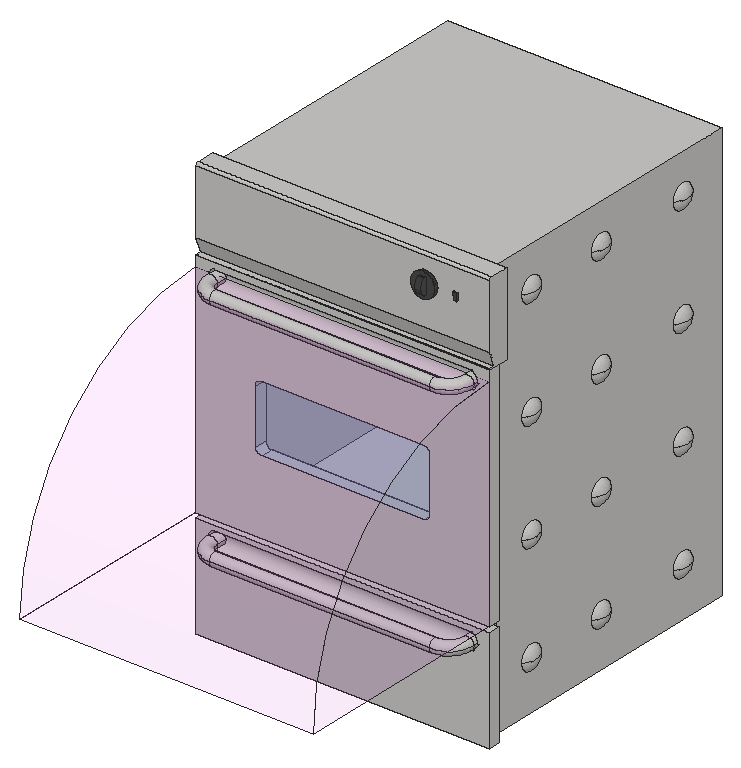
Revit family "QF_Summit_TTM7882BKW_Oven", category Specialty Equipment, Revit 2020
Family settings
  Round Connector Dimension = Use Diameter
  Part Type = Normal
  Work Plane-Based = No
  Always vertical = Yes
  Cut with Voids When Loaded = No
  Shared = No
  Room Calculation Point = No
Parameters
  Weight in Pounds = 140
  Watts = if(Phase = 3, Volts * FL Amps * 1.73, Volts * FL Amps)  # 414 W
  Volts = 115 V
  URL Cutsheet = ""
  Specification by User = ""
  Specification by Manufacturer = ""
  Show Clearance [instance] = yes
  Serial Number = ""
  Seismic Rating = ""
  SMACNA No = ""
  Revision Code = ""
  Phase = 1
  Number of Poles = 1
  NAFEM Spec ID Number = ""
  Model = "TTM7882BKW"
  Min Ckt Ampacity = 0 A
  Max Overcurrent Protection = 0 A
  Masterspec = ""
  Manufacturer = "Summit"
  Length = 24"
  Item Number = ""
  Installed By = ""
  Identify Quantity as Lot = yes
  Height = 34 1/2"
  HP = ""
  Furnished By = ""
  Foodservice Equipment Identifier = yes
  FL Amps = 3.6 A
  Electrical Remarks = ""
  Electric Connection Type = ""
  Elec Conn RI Height = 0"
  Elec Conn Connection Height = 0"
  Description = "Oven"
  Depth = 24 3/4"
  Default Elevation = 0"
  Cycle = 60 Hz
  Conn Plug = ""
  Conn Conduit = yes
  CSI MasterFormat = ""
  Apparent Power = if(Phase = 3, Volts * FL Amps * 1.73, Volts * FL Amps)  # 414 VA
Reference planes (in)
  plane 1 "BACK": y = 0
  plane 2: z = 0
  plane 3 "LEFT": x = 0
  plane 4 "RIGHT": x = 24
  plane 5 "FRONT": y = -24.75
  plane 6 "TOP": z = 34.875
  plane 7 "Center Y": x = 12
  plane 8 "Center X": y = -12.375
  plane 9: y = -23
  plane 10: y = -27.125
  plane 11: z = 27.75
  plane 12: z = 8.5
  plane 13: z = 8.875
  plane 14: y = -42.75
  plane 15: z = 34.5
Forms (in)
  Extrusion 1, solid, material "QF_Metal_Stainless_Polished"
    sketch origin (0, 0, 0) x (1, 0, 0) y (0, 1, 0)
      loop
        line (0.8125, 0) -> (0.8125, -23) -> (23.1875, -23) -> (23.1875, 0) -> (0.8125, 0)
    from 0 to 34.375
  Extrusion 2, solid, material "QF_Metal_Stainless_Polished"
    sketch origin (0, -24.75, 0.125) x (1, 0, 0) y (0, 0, 1)
      loop
        line (0, 8.375) -> (0, -0.125) -> (24, -0.125) -> (24, 8.375) -> (0, 8.375)
      loop
        line (0, 8.75) -> (24, 8.75) -> (24, 27.625) -> (0, 27.625) -> (0, 8.75)
    from 0 to -1
  Extrusion 3, solid, material "QF_Metal_Stainless_Polished"
    sketch origin (0, 0, 0) x (0, 1, 0) y (0, 0, 1)
      loop
        line (-23, 34.5) -> (-24.5, 34.5)
        arc (-24.5, 34.5) -> (-24.67678, 34.42678) -> (-24.75, 34.25) r 0.25
        line (-24.75, 34.25) -> (-24.75, 29) -> (-24.25, 27.79419) -> (-24.75, 27.79419) -> (-24.75, 27.75) -> (-23, 27.75) -> (-23, 34.5)
    from 0 to 24
  Revolve 4, void
    sketch origin (0, -0.05469, 26.49744) x (1, 0, 0) y (0, 1, 0)
      loop
        line (1, -24.90625) -> (23, -24.90625) -> (23, -24.75262)
        arc (23, -24.75262) -> (22.82068, -24.31969) -> (22.38775, -24.14037) r 0.61225
        line (22.38775, -24.14037) -> (1.61225, -24.14037)
        arc (1.61225, -24.14037) -> (1.17932, -24.31969) -> (1, -24.75262) r 0.61225
        line (1, -24.75262) -> (1, -24.90625)
      axis (23, -24.90625) -> (1, -24.90625)
    angle from -134.169 to 145.733
  Revolve 5, void
    sketch origin (0, -0.05469, 7.32557) x (1, 0, 0) y (0, 1, 0)
      loop
        line (1, -24.90625) -> (23, -24.90625) -> (23, -24.75262)
        arc (23, -24.75262) -> (22.82068, -24.31969) -> (22.38775, -24.14037) r 0.61225
        line (22.38775, -24.14037) -> (1.61225, -24.14037)
        arc (1.61225, -24.14037) -> (1.17932, -24.31969) -> (1, -24.75262) r 0.61225
        line (1, -24.75262) -> (1, -24.90625)
      axis (23, -24.90625) -> (1, -24.90625)
    angle from -134.169 to 145.733
  Sweep 6, solid, material "QF_Metal_Stainless_Polished"
    path origin (0, 0, 0) x (1, 0, 0) y (0, 1, 0)
      loop
        line (1, -24.25) -> (1, -25.125)
        arc (1, -25.125) -> (1.58579, -26.53921) -> (3, -27.125) r 2
        line (3, -27.125) -> (21, -27.125)
        arc (21, -27.125) -> (22.41421, -26.53921) -> (23, -25.125) r 2
        line (23, -25.125) -> (23, -24.25)
    profile origin (12, -27.125, 0) x (0, 1, 0) y (0, 0, 1)
      loop
        circle (0.5, 26.5) r 0.5
  Sweep 7, solid, material "QF_Metal_Stainless_Polished"
    path origin (0, 0, -19.17187) x (1, 0, 0) y (0, 1, 0)
      loop
        line (1, -24.25) -> (1, -25.125)
        arc (1, -25.125) -> (1.58579, -26.53921) -> (3, -27.125) r 2
        line (3, -27.125) -> (21, -27.125)
        arc (21, -27.125) -> (22.41421, -26.53921) -> (23, -25.125) r 2
        line (23, -25.125) -> (23, -24.25)
    profile origin (12, -27.125, -19.17187) x (0, 1, 0) y (0, 0, 1)
      loop
        circle (0.5, 26.5) r 0.5
  Extrusion 8, solid, material "QF_Plastic_Black_Smooth"
    sketch origin (20.91227, -24, 32.63936) x (0, 0, 1) y (0, -1, 0)
      loop
        line (-0.12746, 0.75) -> (-0.12746, 0.85905)
        arc (-0.12746, 0.85905) -> (-0.44721, 0.83236) -> (-0.76795, 0.82343) r 5.7865
        line (-0.76795, 0.82343) -> (-0.76795, 0.75) -> (-0.12746, 0.75)
    from 0.1968 to 0.4972
  Extrusion 9, solid, material "QF_Plastic_Black_Smooth"
    sketch origin (0, -24.75, 29) x (0, 0, 1) y (-1, 0, 0)
      loop
        circle (3.25, -18.75) r 1
    from 0 to 0.25
  Extrusion 10, solid, material "QF_Plastic_Black_Smooth"
    sketch origin (-0.04382, 0, 0) x (0, 1, 0) y (0, 0, 1)
      loop
        line (-25, 32.91606) -> (-25.15555, 32.91606)
        arc (-25.15555, 32.91606) -> (-25.5, 32.2654) -> (-25.15555, 31.61474) r 0.78677
        line (-25.15555, 31.61474) -> (-25, 31.61474) -> (-25, 32.91606)
    from 19.04382 to 18.54382
  Revolve 11, solid, material "QF_Metal_Stainless_Polished"
    sketch origin (0, 0, 4.125) x (1, 0, 0) y (0, 1, 0)
      loop
        line (23.1875, -4) -> (23.6875, -4)
        arc (23.6875, -4) -> (23.55162, -3.44294) -> (23.1875, -3) r 1.28845
        line (23.1875, -3) -> (23.1875, -4)
      axis (23.1875, -4) -> (23.6875, -4)
    angle from 0 to 360
  Revolve 12, solid, material "QF_Metal_Stainless_Polished"
    sketch origin (0, 0, 13.125) x (1, 0, 0) y (0, 1, 0)
      loop
        line (23.1875, -4) -> (23.6875, -4)
        arc (23.6875, -4) -> (23.55162, -3.44294) -> (23.1875, -3) r 1.28845
        line (23.1875, -3) -> (23.1875, -4)
      axis (23.1875, -4) -> (23.6875, -4)
    angle from 0 to 360
  Revolve 13, solid, material "QF_Metal_Stainless_Polished"
    sketch origin (0, 0, 22.125) x (1, 0, 0) y (0, 1, 0)
      loop
        line (23.1875, -4) -> (23.6875, -4)
        arc (23.6875, -4) -> (23.55162, -3.44294) -> (23.1875, -3) r 1.28845
        line (23.1875, -3) -> (23.1875, -4)
      axis (23.1875, -4) -> (23.6875, -4)
    angle from 0 to 360
  Revolve 14, solid, material "QF_Metal_Stainless_Polished"
    sketch origin (0, 0, 31.125) x (1, 0, 0) y (0, 1, 0)
      loop
        line (23.1875, -4) -> (23.6875, -4)
        arc (23.6875, -4) -> (23.55162, -3.44294) -> (23.1875, -3) r 1.28845
        line (23.1875, -3) -> (23.1875, -4)
      axis (23.1875, -4) -> (23.6875, -4)
    angle from 0 to 360
  Revolve 15, solid, material "QF_Metal_Stainless_Polished"
    sketch origin (0, -8, 31.125) x (1, 0, 0) y (0, 1, 0)
      loop
        line (23.1875, -4.375) -> (23.6875, -4.375)
        arc (23.6875, -4.375) -> (23.55162, -3.81794) -> (23.1875, -3.375) r 1.28845
        line (23.1875, -3.375) -> (23.1875, -4.375)
      axis (23.1875, -4.375) -> (23.6875, -4.375)
    angle from 0 to 360
  Revolve 16, solid, material "QF_Metal_Stainless_Polished"
    sketch origin (0, -15.5, 31.125) x (1, 0, 0) y (0, 1, 0)
      loop
        line (23.1875, -4) -> (23.6875, -4)
        arc (23.6875, -4) -> (23.55162, -3.44294) -> (23.1875, -3) r 1.28845
        line (23.1875, -3) -> (23.1875, -4)
      axis (23.1875, -4) -> (23.6875, -4)
    angle from 0 to 360
  Revolve 17, solid, material "QF_Metal_Stainless_Polished"
    sketch origin (0, -8, 4.125) x (1, 0, 0) y (0, 1, 0)
      loop
        line (23.1875, -4.375) -> (23.6875, -4.375)
        arc (23.6875, -4.375) -> (23.55162, -3.81794) -> (23.1875, -3.375) r 1.28845
        line (23.1875, -3.375) -> (23.1875, -4.375)
      axis (23.1875, -4.375) -> (23.6875, -4.375)
    angle from 0 to 360
  Revolve 18, solid, material "QF_Metal_Stainless_Polished"
    sketch origin (0, -8, 13.125) x (1, 0, 0) y (0, 1, 0)
      loop
        line (23.1875, -4.375) -> (23.6875, -4.375)
        arc (23.6875, -4.375) -> (23.55162, -3.81794) -> (23.1875, -3.375) r 1.28845
        line (23.1875, -3.375) -> (23.1875, -4.375)
      axis (23.1875, -4.375) -> (23.6875, -4.375)
    angle from 0 to 360
  Revolve 19, solid, material "QF_Metal_Stainless_Polished"
    sketch origin (0, -8, 22.125) x (1, 0, 0) y (0, 1, 0)
      loop
        line (23.1875, -4.375) -> (23.6875, -4.375)
        arc (23.6875, -4.375) -> (23.55162, -3.81794) -> (23.1875, -3.375) r 1.28845
        line (23.1875, -3.375) -> (23.1875, -4.375)
      axis (23.1875, -4.375) -> (23.6875, -4.375)
    angle from 0 to 360
  Revolve 20, solid, material "QF_Metal_Stainless_Polished"
    sketch origin (0, -15.5, 4.125) x (1, 0, 0) y (0, 1, 0)
      loop
        line (23.1875, -4) -> (23.6875, -4)
        arc (23.6875, -4) -> (23.55162, -3.44294) -> (23.1875, -3) r 1.28845
        line (23.1875, -3) -> (23.1875, -4)
      axis (23.1875, -4) -> (23.6875, -4)
    angle from 0 to 360
  Revolve 21, solid, material "QF_Metal_Stainless_Polished"
    sketch origin (0, -15.5, 13.125) x (1, 0, 0) y (0, 1, 0)
      loop
        line (23.1875, -4) -> (23.6875, -4)
        arc (23.6875, -4) -> (23.55162, -3.44294) -> (23.1875, -3) r 1.28845
        line (23.1875, -3) -> (23.1875, -4)
      axis (23.1875, -4) -> (23.6875, -4)
    angle from 0 to 360
  Revolve 22, solid, material "QF_Metal_Stainless_Polished"
    sketch origin (0, -15.5, 22.125) x (1, 0, 0) y (0, 1, 0)
      loop
        line (23.1875, -4) -> (23.6875, -4)
        arc (23.6875, -4) -> (23.55162, -3.44294) -> (23.1875, -3) r 1.28845
        line (23.1875, -3) -> (23.1875, -4)
      axis (23.1875, -4) -> (23.6875, -4)
    angle from 0 to 360
  Revolve 23, solid, material "QF_Metal_Stainless_Polished"
    sketch origin (24, 0, 4.125) x (-1, 0, 0) y (0, -1, 0)
      loop
        line (23.1875, 4) -> (23.1875, 3)
        arc (23.1875, 3) -> (23.55162, 3.44294) -> (23.6875, 4) r 1.28845
        line (23.6875, 4) -> (23.1875, 4)
      axis (23.1875, 4) -> (23.6875, 4)
    angle from 0 to 360
  Revolve 24, solid, material "QF_Metal_Stainless_Polished"
    sketch origin (24, 0, 13.125) x (-1, 0, 0) y (0, -1, 0)
      loop
        line (23.1875, 4) -> (23.1875, 3)
        arc (23.1875, 3) -> (23.55162, 3.44294) -> (23.6875, 4) r 1.28845
        line (23.6875, 4) -> (23.1875, 4)
      axis (23.1875, 4) -> (23.6875, 4)
    angle from 0 to 360
  Revolve 25, solid, material "QF_Metal_Stainless_Polished"
    sketch origin (24, 0, 22.125) x (-1, 0, 0) y (0, -1, 0)
      loop
        line (23.1875, 4) -> (23.1875, 3)
        arc (23.1875, 3) -> (23.55162, 3.44294) -> (23.6875, 4) r 1.28845
        line (23.6875, 4) -> (23.1875, 4)
      axis (23.1875, 4) -> (23.6875, 4)
    angle from 0 to 360
  Revolve 26, solid, material "QF_Metal_Stainless_Polished"
    sketch origin (24, 0, 31.125) x (-1, 0, 0) y (0, -1, 0)
      loop
        line (23.1875, 4) -> (23.1875, 3)
        arc (23.1875, 3) -> (23.55162, 3.44294) -> (23.6875, 4) r 1.28845
        line (23.6875, 4) -> (23.1875, 4)
      axis (23.1875, 4) -> (23.6875, 4)
    angle from 0 to 360
  Revolve 27, solid, material "QF_Metal_Stainless_Polished"
    sketch origin (24, -8, 31.125) x (-1, 0, 0) y (0, -1, 0)
      loop
        line (23.1875, 4.375) -> (23.1875, 3.375)
        arc (23.1875, 3.375) -> (23.55162, 3.81794) -> (23.6875, 4.375) r 1.28845
        line (23.6875, 4.375) -> (23.1875, 4.375)
      axis (23.1875, 4.375) -> (23.6875, 4.375)
    angle from 0 to 360
  Revolve 28, solid, material "QF_Metal_Stainless_Polished"
    sketch origin (24, -15.5, 31.125) x (-1, 0, 0) y (0, -1, 0)
      loop
        line (23.1875, 4) -> (23.1875, 3)
        arc (23.1875, 3) -> (23.55162, 3.44294) -> (23.6875, 4) r 1.28845
        line (23.6875, 4) -> (23.1875, 4)
      axis (23.1875, 4) -> (23.6875, 4)
    angle from 0 to 360
  Revolve 29, solid, material "QF_Metal_Stainless_Polished"
    sketch origin (24, -8, 4.125) x (-1, 0, 0) y (0, -1, 0)
      loop
        line (23.1875, 4.375) -> (23.1875, 3.375)
        arc (23.1875, 3.375) -> (23.55162, 3.81794) -> (23.6875, 4.375) r 1.28845
        line (23.6875, 4.375) -> (23.1875, 4.375)
      axis (23.1875, 4.375) -> (23.6875, 4.375)
    angle from 0 to 360
  Revolve 30, solid, material "QF_Metal_Stainless_Polished"
    sketch origin (24, -8, 13.125) x (-1, 0, 0) y (0, -1, 0)
      loop
        line (23.1875, 4.375) -> (23.1875, 3.375)
        arc (23.1875, 3.375) -> (23.55162, 3.81794) -> (23.6875, 4.375) r 1.28845
        line (23.6875, 4.375) -> (23.1875, 4.375)
      axis (23.1875, 4.375) -> (23.6875, 4.375)
    angle from 0 to 360
  Revolve 31, solid, material "QF_Metal_Stainless_Polished"
    sketch origin (24, -8, 22.125) x (-1, 0, 0) y (0, -1, 0)
      loop
        line (23.1875, 4.375) -> (23.1875, 3.375)
        arc (23.1875, 3.375) -> (23.55162, 3.81794) -> (23.6875, 4.375) r 1.28845
        line (23.6875, 4.375) -> (23.1875, 4.375)
      axis (23.1875, 4.375) -> (23.6875, 4.375)
    angle from 0 to 360
  Revolve 32, solid, material "QF_Metal_Stainless_Polished"
    sketch origin (24, -15.5, 4.125) x (-1, 0, 0) y (0, -1, 0)
      loop
        line (23.1875, 4) -> (23.1875, 3)
        arc (23.1875, 3) -> (23.55162, 3.44294) -> (23.6875, 4) r 1.28845
        line (23.6875, 4) -> (23.1875, 4)
      axis (23.1875, 4) -> (23.6875, 4)
    angle from 0 to 360
  Revolve 33, solid, material "QF_Metal_Stainless_Polished"
    sketch origin (24, -15.5, 13.125) x (-1, 0, 0) y (0, -1, 0)
      loop
        line (23.1875, 4) -> (23.1875, 3)
        arc (23.1875, 3) -> (23.55162, 3.44294) -> (23.6875, 4) r 1.28845
        line (23.6875, 4) -> (23.1875, 4)
      axis (23.1875, 4) -> (23.6875, 4)
    angle from 0 to 360
  Revolve 34, solid, material "QF_Metal_Stainless_Polished"
    sketch origin (24, -15.5, 22.125) x (-1, 0, 0) y (0, -1, 0)
      loop
        line (23.1875, 4) -> (23.1875, 3)
        arc (23.1875, 3) -> (23.55162, 3.44294) -> (23.6875, 4) r 1.28845
        line (23.6875, 4) -> (23.1875, 4)
      axis (23.1875, 4) -> (23.6875, 4)
    angle from 0 to 360
  Extrusion 35, solid, material "QF_Metal_Stainless_Polished"
    sketch origin (0.8125, 0, 0) x (1, 0, 0) y (0, 0, -1)
      loop
        circle (11.1875, -33.47209) r 0.25
    from 0 to 0.0625
  Extrusion 36, void
    sketch origin (0, -24.75, 0.125) x (1, 0, 0) y (0, 0, 1)
      loop
        arc (19.125, 19.75) -> (18.97855, 20.10355) -> (18.625, 20.25) r 0.5
        line (18.625, 20.25) -> (5.375, 20.25)
        arc (5.375, 20.25) -> (5.02145, 20.10355) -> (4.875, 19.75) r 0.5
        line (4.875, 19.75) -> (4.875, 15.25)
        arc (4.875, 15.25) -> (5.02145, 14.89645) -> (5.375, 14.75) r 0.5
        line (5.375, 14.75) -> (18.625, 14.75)
        arc (18.625, 14.75) -> (18.97855, 14.89645) -> (19.125, 15.25) r 0.5
        line (19.125, 15.25) -> (19.125, 19.75)
    from 0.5311 to -1
  Extrusion 37, solid, material "Glass"
    sketch origin (0, -24.75, 0.125) x (1, 0, 0) y (0, 0, 1)
      loop
        arc (4.875, 15.25) -> (5.02145, 14.89645) -> (5.375, 14.75) r 0.5
        line (5.375, 14.75) -> (18.625, 14.75)
        arc (18.625, 14.75) -> (18.97855, 14.89645) -> (19.125, 15.25) r 0.5
        line (19.125, 15.25) -> (19.125, 19.75)
        arc (19.125, 19.75) -> (18.97855, 20.10355) -> (18.625, 20.25) r 0.5
        line (18.625, 20.25) -> (5.375, 20.25)
        arc (5.375, 20.25) -> (5.02145, 20.10355) -> (4.875, 19.75) r 0.5
        line (4.875, 19.75) -> (4.875, 15.25)
    from 0 to -1
  Extrusion 38, void
    sketch origin (0, 0, 0) x (1, 0, 0) y (0, 1, 0)
      loop
        line (2, -24.83785) -> (22, -24.83785) -> (22, -5) -> (2, -5) -> (2, -24.83785)
    from 8.875 to 27
  Extrusion 39, solid, material "QF_Clearances_Door_Drawer", visible <- "Show Clearance"
    sketch origin (0, 0, 0) x (0, 1, 0) y (0, 0, 1)
      loop
        line (-42.75, 8.875) -> (-24.75, 8.875) -> (-24.75, 26.875)
        arc (-24.75, 26.875) -> (-37.47792, 21.60292) -> (-42.75, 8.875) r 18
    from 0 to 24
Cuts and joins
  Revolve 4, Revolve 5, Extrusion 36 cuts Extrusion 2
  Extrusion 38 cuts Extrusion 1
Lines and regions (in)
  Split face 1
    outline origin (0, -24.75, 29) x (0, 0, 1) y (-1, 0, 0)
      loop
        arc (4.875, -1.25) -> (4.72855, -0.89645) -> (4.375, -0.75) r 0.5
        line (4.375, -0.75) -> (2.29419, -0.75)
        arc (2.29419, -0.75) -> (1.94064, -0.89645) -> (1.79419, -1.25) r 0.5
        line (1.79419, -1.25) -> (1.79419, -9)
        arc (1.79419, -9) -> (1.94064, -9.35355) -> (2.29419, -9.5) r 0.5
        line (2.29419, -9.5) -> (4.375, -9.5)
        arc (4.375, -9.5) -> (4.72855, -9.35355) -> (4.875, -9) r 0.5
        line (4.875, -9) -> (4.875, -1.25)
  Split face 2
    outline origin (0, -24.75, 29) x (0, 0, 1) y (-1, 0, 0)
      loop
        line (4.6875, -9) -> (4.6875, -1.25)
        arc (4.6875, -1.25) -> (4.59597, -1.02903) -> (4.375, -0.9375) r 0.3125
        line (4.375, -0.9375) -> (2.29419, -0.9375)
        arc (2.29419, -0.9375) -> (2.07322, -1.02903) -> (1.98169, -1.25) r 0.3125
        line (1.98169, -1.25) -> (1.98169, -9)
        arc (1.98169, -9) -> (2.07322, -9.22097) -> (2.29419, -9.3125) r 0.3125
        line (2.29419, -9.3125) -> (4.375, -9.3125)
        arc (4.375, -9.3125) -> (4.59597, -9.22097) -> (4.6875, -9) r 0.3125
  Split face 3
    outline origin (0, -24.75, 29) x (0, 0, 1) y (-1, 0, 0)
      loop
        arc (4.875, -10.54922) -> (4.72855, -10.19566) -> (4.375, -10.04922) r 0.5
        line (4.375, -10.04922) -> (2.29419, -10.04922)
        arc (2.29419, -10.04922) -> (1.94064, -10.19566) -> (1.79419, -10.54922) r 0.5
        line (1.79419, -10.54922) -> (1.79419, -22.6875)
        arc (1.79419, -22.6875) -> (1.94064, -23.04105) -> (2.29419, -23.1875) r 0.5
        line (2.29419, -23.1875) -> (4.375, -23.1875)
        arc (4.375, -23.1875) -> (4.72855, -23.04105) -> (4.875, -22.6875) r 0.5
        line (4.875, -22.6875) -> (4.875, -10.54922)
  Split face 4
    outline origin (0, -24.75, 29) x (0, 0, 1) y (-1, 0, 0)
      loop
        line (4.6875, -22.6875) -> (4.6875, -10.54922)
        arc (4.6875, -10.54922) -> (4.59597, -10.32825) -> (4.375, -10.23672) r 0.3125
        line (4.375, -10.23672) -> (2.29419, -10.23672)
        arc (2.29419, -10.23672) -> (2.07322, -10.32825) -> (1.98169, -10.54922) r 0.3125
        line (1.98169, -10.54922) -> (1.98169, -22.6875)
        arc (1.98169, -22.6875) -> (2.07322, -22.90847) -> (2.29419, -23) r 0.3125
        line (2.29419, -23) -> (4.375, -23)
        arc (4.375, -23) -> (4.59597, -22.90847) -> (4.6875, -22.6875) r 0.3125
  Split face 5
    outline origin (0, -24.75, 29) x (0, 0, 1) y (-1, 0, 0)
      loop
        line (3.61107, -3.77672) -> (2.86107, -3.77772) -> (2.86107, -6.76604) -> (3.61107, -6.76604) -> (3.61107, -3.77672)
  Split face 6
    outline origin (0, -24.75, 29) x (0, 0, 1) y (-1, 0, 0)
      loop
        arc (3.76732, -7.26422) -> (3.75267, -7.22887) -> (3.71732, -7.21422) r 0.05
        line (3.71732, -7.21422) -> (3.31732, -7.21422)
        arc (3.31732, -7.21422) -> (3.28196, -7.22887) -> (3.26732, -7.26422) r 0.05
        line (3.26732, -7.26422) -> (3.26732, -7.78922)
        arc (3.26732, -7.78922) -> (3.28196, -7.82458) -> (3.31732, -7.83922) r 0.05
        line (3.31732, -7.83922) -> (3.71732, -7.83922)
        arc (3.71732, -7.83922) -> (3.75267, -7.82458) -> (3.76732, -7.78922) r 0.05
        line (3.76732, -7.78922) -> (3.76732, -7.26422)
  Split face 7
    outline origin (0, -24.75, 29) x (0, 0, 1) y (-1, 0, 0)
      loop
        arc (3.20482, -7.26422) -> (3.19017, -7.22887) -> (3.15482, -7.21422) r 0.05
        line (3.15482, -7.21422) -> (2.75482, -7.21422)
        arc (2.75482, -7.21422) -> (2.71946, -7.22887) -> (2.70482, -7.26422) r 0.05
        line (2.70482, -7.26422) -> (2.70482, -7.78922)
        arc (2.70482, -7.78922) -> (2.71946, -7.82458) -> (2.75482, -7.83922) r 0.05
        line (2.75482, -7.83922) -> (3.15482, -7.83922)
        arc (3.15482, -7.83922) -> (3.19017, -7.82458) -> (3.20482, -7.78922) r 0.05
        line (3.20482, -7.78922) -> (3.20482, -7.26422)
  Split face 8
    outline origin (0, -24.75, 29) x (0, 0, 1) y (-1, 0, 0)
      loop
        line (3.76732, -3.28922) -> (3.76732, -2.76422)
        arc (3.76732, -2.76422) -> (3.75267, -2.72887) -> (3.71732, -2.71422) r 0.05
        line (3.71732, -2.71422) -> (3.31732, -2.71422)
        arc (3.31732, -2.71422) -> (3.28196, -2.72887) -> (3.26732, -2.76422) r 0.05
        line (3.26732, -2.76422) -> (3.26732, -3.28922)
        arc (3.26732, -3.28922) -> (3.28196, -3.32458) -> (3.31732, -3.33922) r 0.05
        line (3.31732, -3.33922) -> (3.71732, -3.33922)
        arc (3.71732, -3.33922) -> (3.75267, -3.32458) -> (3.76732, -3.28922) r 0.05
  Split face 9
    outline origin (0, -24.75, 29) x (0, 0, 1) y (-1, 0, 0)
      loop
        line (3.20482, -3.28922) -> (3.20482, -2.76422)
        arc (3.20482, -2.76422) -> (3.19017, -2.72887) -> (3.15482, -2.71422) r 0.05
        line (3.15482, -2.71422) -> (2.75482, -2.71422)
        arc (2.75482, -2.71422) -> (2.71946, -2.72887) -> (2.70482, -2.76422) r 0.05
        line (2.70482, -2.76422) -> (2.70482, -3.28922)
        arc (2.70482, -3.28922) -> (2.71946, -3.32458) -> (2.75482, -3.33922) r 0.05
        line (2.75482, -3.33922) -> (3.15482, -3.33922)
        arc (3.15482, -3.33922) -> (3.19017, -3.32458) -> (3.20482, -3.28922) r 0.05
  Split face 10
    outline origin (0, -24.75, 28.99886) x (0, 0, 1) y (-1, 0, 0)
      loop
        line (2.81005, -21.04657) -> (2.81005, -21.47197) -> (3.57418, -21.47197) -> (3.57418, -21.04657) -> (2.81005, -21.04657)
  Split face 11
    outline origin (0, -24.75, 29) x (0, 0, 1) y (-1, 0, 0)
      loop
        circle (3.35208, -16.21465) r 0.25
  Split face 12
    outline origin (0, -24.75, 29) x (0, 0, 1) y (-1, 0, 0)
      loop
        line (3.86007, -2.52672) -> (2.61107, -2.52672) -> (2.61107, -8.02672) -> (3.86007, -8.02572) -> (3.86007, -2.52672)
  Split face 13
    outline origin (0, -24.75, 29) x (0, 0, 1) y (-1, 0, 0)
      loop
        line (2.76785, -11.07996) -> (2.76785, -15.07996) -> (3.66458, -15.07996) -> (3.66458, -11.07996) -> (2.76785, -11.07996)
  Split face 14
    outline origin (0, -24.75, 29) x (0, 0, 1) y (-1, 0, 0)
      loop
        line (3.70482, -3.27672) -> (3.70482, -2.77672) -> (3.32982, -2.77672) -> (3.32982, -3.27672) -> (3.70482, -3.27672)
  Split face 15
    outline origin (0, -24.75, 29) x (0, 0, 1) y (-1, 0, 0)
      loop
        line (2.76732, -3.27672) -> (3.14232, -3.27672) -> (3.14232, -2.77672) -> (2.76732, -2.77672) -> (2.76732, -3.27672)
  Split face 16
    outline origin (0, -24.75, 29) x (0, 0, 1) y (-1, 0, 0)
      loop
        line (3.70482, -7.27672) -> (3.32982, -7.27672) -> (3.32982, -7.77672) -> (3.70482, -7.77672) -> (3.70482, -7.27672)
  Split face 17
    outline origin (0, -24.75, 29) x (0, 0, 1) y (-1, 0, 0)
      loop
        line (3.14232, -7.27672) -> (2.76732, -7.27672) -> (2.76732, -7.77672) -> (3.14232, -7.77672) -> (3.14232, -7.27672)
  symbolic lines
    curve 1: line (0, -24.75, 27) -> (0, -24.75, 26)
    curve 2: line (0.8125, 0, 0) -> (23.1875, 0, 0)
    curve 3: line (0.8125, -23, 0) -> (0.8125, 0, 0)
    curve 4: line (24, -23, 0) -> (0, -23, 0)
    curve 5: line (23.1875, 0, 0) -> (23.1875, -23, 0)
    curve 6: line (0, -23, 0) -> (0, -24.75, 0)
    curve 7: line (0, -24.75, 0) -> (24, -24.75, 0)
    curve 8: line (24, -24.75, 0) -> (24, -23, 0)
    curve 9: line (21.10907, -24.75, 0) -> (21.10907, -24.85905, 0)
    curve 10: line (21.10907, -24.85905, 0) -> (21.40947, -24.85905, 0)
    curve 11: line (21.40947, -24.85905, 0) -> (21.40947, -24.75, 0)
    curve 12: line (19.74618, -25, 0) -> (17.74618, -25, 0)
    curve 13: line (17.74618, -25, 0) -> (17.74618, -24.75, 0)
    curve 14: line (19.74618, -25, 0) -> (19.74618, -24.75, 0)
    curve 15: line (18.5, -25, 0) -> (18.5, -25.5, 0)
    curve 16: line (18.5, -25.5, 0) -> (19, -25.5, 0)
    curve 17: line (19, -25.5, 0) -> (19, -25, 0)
    curve 18: line (2.99288, -27.125, 0) -> (21.00712, -27.125, 0)
    curve 19: line (1, -24.75, 0) -> (1, -25.13212, 0)
    curve 20: arc (1, -25.13212, 0) -> (1.5837, -26.5413, 0) -> (2.99288, -27.125, 0) r 1.99288
    curve 21: line (2, -24.75, 0) -> (2, -25.125, 0)
    curve 22: line (3, -26.125, 0) -> (21, -26.125, 0)
    curve 23: arc (2, -25.125, 0) -> (2.29289, -25.8321, 0) -> (3, -26.125, 0) r 1
    curve 24: line (23, -24.75, 0) -> (23, -25.13212, 0)
    curve 25: arc (23, -25.13212, 0) -> (22.4163, -26.5413, 0) -> (21.00712, -27.125, 0) r 1.99288
    curve 26: line (22, -24.75, 0) -> (22, -25.125, 0)
    curve 27: arc (22, -25.125, 0) -> (21.70711, -25.8321, 0) -> (21, -26.125, 0) r 1
    curve 28: arc (23.1875, -3.00968, 0) -> (23.69024, -4.00968, 0) -> (23.1875, -5.00968, 0) r 1.24593
    curve 29: arc (23.1875, -11.375, 0) -> (23.69024, -12.375, 0) -> (23.1875, -13.375, 0) r 1.24593
    curve 30: arc (23.1875, -18.5, 0) -> (23.69024, -19.5, 0) -> (23.1875, -20.5, 0) r 1.24593
    curve 31: arc (0.8125, -3.00968, 0) -> (0.30976, -4.00968, 0) -> (0.8125, -5.00968, 0) r 1.24593
    curve 32: arc (0.8125, -11.375, 0) -> (0.30976, -12.375, 0) -> (0.8125, -13.375, 0) r 1.24593
    curve 33: arc (0.8125, -18.5, 0) -> (0.30976, -19.5, 0) -> (0.8125, -20.5, 0) r 1.24593
  symbolic lines, style "QF_Clearances_Door_Drawer", visible <- "Show Clearance"
    curve 34: line (0, -24.75, 0) -> (0, -42.75, 0)
    curve 35: line (0, -42.75, 0) -> (24, -42.75, 0)
    curve 36: line (24, -42.75, 0) -> (24, -24.75, 0)
Dimensions and locks (in)
  equal spacing: plane 3 "LEFT", plane 7 "Center Y", plane 4 "RIGHT"
  "Length": plane 3 "LEFT" to plane 4 "RIGHT"
  equal spacing: plane 5 "FRONT", plane 8 "Center X", plane 1 "BACK"
  "Depth": plane 5 "FRONT" to plane 1 "BACK"
  plane 6 "TOP" to level = 34 7/8"
  plane 9 to plane 1 "BACK" = 23"
  plane 10 to plane 5 "FRONT" = 2 3/8"
  plane 11 to level = 27 3/4"
  plane 12 to level = 8 1/2"
  plane 11 to plane 13 = 18 7/8"
  plane 14 to plane 1 "BACK" = 42 3/4"
  plane 9 to plane 5 "FRONT" = 1 3/4"
  cut or joined group of Extrusion 1, Extrusion 38 to cut or joined group of Extrusion 1, Extrusion 38 = 22 3/8"
  plane 15 to plane 2 = 34 1/2"
  aligned and locked: level to plane 2
Automatic sketch dimensions
  curve 1 to plane 5 "FRONT" = 0"
  curve 1 to plane 11 = 1 3/4"
  curve 1 to plane 11 = 3/4"
  Extrusion 1 sketch curve to plane 9 = 0"
  plane 1 "BACK" to Extrusion 1 sketch curve = 0"
  plane 4 "RIGHT" to Extrusion 1 sketch curve = 13/16"
  Extrusion 2 sketch curve to plane 3 "LEFT" = 0"  (x2)
  plane 4 "RIGHT" to Extrusion 2 sketch curve = 0"  (x2)
  Extrusion 2 sketch curve to level = 0"
  Extrusion 2 sketch curve to plane 12 = 0"
  Extrusion 2 sketch curve to plane 13 = 0"
  Extrusion 2 sketch curve to plane 11 = 0"
  plane 5 "FRONT" to Revolve 4 sketch curve = 0.0573"
  plane 4 "RIGHT" to Revolve 4 sketch curve = 1.61225"
  Revolve 4 sketch curve to Revolve 4 sketch curve = 0.61225"  (x2)
  Revolve 4 sketch curve to Revolve 4 sketch curve = 0.15363"
  plane 5 "FRONT" to Revolve 4 sketch curve = 27/128"
  Revolve 4 sketch curve to plane 3 "LEFT" = 1 1/4"
  plane 5 "FRONT" to Revolve 5 sketch curve = 0.0573"
  plane 4 "RIGHT" to Revolve 5 sketch curve = 1.61225"
  Revolve 5 sketch curve to Revolve 5 sketch curve = 0.61225"  (x2)
  Revolve 5 sketch curve to Revolve 5 sketch curve = 0.15363"
  plane 5 "FRONT" to Revolve 5 sketch curve = 27/128"
  Revolve 5 sketch curve to plane 3 "LEFT" = 1 1/4"
  Sweep 6 sketch curve to plane 10 = 0"
  plane 5 "FRONT" to Sweep 6 sketch curve = 3/8"  (x2)
  plane 4 "RIGHT" to Sweep 6 sketch curve = 3"
  Sweep 6 sketch curve to plane 5 "FRONT" = 1/2"  (x2)
  Sweep 6 sketch curve to profile plane = 1/2"
  level to Sweep 6 sketch curve = 26 1/2"
  Sweep 7 sketch curve to plane 10 = 0"
  plane 5 "FRONT" to Sweep 7 sketch curve = 3/8"  (x2)
  plane 4 "RIGHT" to Sweep 7 sketch curve = 3"
  Sweep 7 sketch curve to plane 5 "FRONT" = 1/2"  (x2)
  Sweep 7 sketch curve to profile plane = 1/2"
  profile plane to Sweep 7 sketch curve = 26 1/2"
  Split face 1 sketch curve to Extrusion 3 = 1.79419"
  Split face 1 sketch curve to Split face 1 sketch curve = 1/2"  (x3)
  Split face 1 sketch curve to Extrusion 3 = 9 1/2"
  Split face 1 sketch curve to Extrusion 3 = 1 1/4"
  Split face 2 sketch curve to Extrusion 3 = 1.98169"
  Split face 2 sketch curve to Split face 2 sketch curve = 5/16"  (x3)
  Split face 2 sketch curve to Extrusion 3 = 9 5/16"
  Split face 2 sketch curve to Extrusion 3 = 1 1/4"
  Split face 3 sketch curve to Extrusion 3 = 1.79419"
  Split face 3 sketch curve to Split face 3 sketch curve = 1/2"  (x3)
  Split face 3 sketch curve to Extrusion 3 = 13/16"
  Split face 3 sketch curve to Extrusion 3 = 10.54922"
  Split face 4 sketch curve to Extrusion 3 = 1.98169"
  Split face 4 sketch curve to Split face 4 sketch curve = 5/16"  (x3)
  Split face 4 sketch curve to Extrusion 3 = 1"
  Split face 4 sketch curve to Extrusion 3 = 10.54922"
  Split face 5 sketch curve to Split face 5 sketch curve = 3/4"
  Split face 5 sketch curve to Extrusion 3 = 6.76604"
  Split face 5 sketch curve to Split face 5 sketch curve = 2.98832"
  Extrusion 8 sketch curve to plane 5 "FRONT" = 0"
  Extrusion 8 sketch curve to Extrusion 8 sketch curve = 0.6405"
  plane 5 "FRONT" to Extrusion 8 sketch curve = 0.07343"
  Extrusion 8 sketch curve to Extrusion 8 sketch curve = 0.10905"
  Split face 10 sketch curve to Extrusion 3 = 2.80891"
  Split face 10 sketch curve to Split face 10 sketch curve = 0.76413"
  Split face 10 sketch curve to Extrusion 3 = 2.52803"
  Split face 10 sketch curve to Split face 10 sketch curve = 0.4254"
  Extrusion 3 to Extrusion 9 sketch curve = 5 1/4"
  plane 5 "FRONT" to Extrusion 10 sketch curve = 0.40555"  (x2)
  Extrusion 10 sketch curve to Extrusion 10 sketch curve = 0.15555"
  Extrusion 10 sketch curve to plane 5 "FRONT" = 0.03677"
  Extrusion 10 sketch curve to Extrusion 10 sketch curve = 0.65066"
  Split face 11 sketch curve to Extrusion 3 = 7.78535"
  plane 4 "RIGHT" to Revolve 11 sketch curve = 1.60081"
  Revolve 11 sketch curve to Revolve 11 sketch curve = 0.78831"
  plane 4 "RIGHT" to Revolve 11 sketch curve = 5/16"
  plane 1 "BACK" to Revolve 11 sketch curve = 4.01915"
  Revolve 11 sketch curve to Revolve 11 sketch curve = 0.01915"
  Revolve 11 sketch curve to Revolve 11 sketch curve = 0"  (x2)
  Revolve 11 sketch curve to plane 4 "RIGHT" = 1 11/16"
  plane 4 "RIGHT" to Revolve 12 sketch curve = 1.60081"
  Revolve 12 sketch curve to Revolve 12 sketch curve = 0.78831"
  plane 4 "RIGHT" to Revolve 12 sketch curve = 5/16"
  plane 1 "BACK" to Revolve 12 sketch curve = 4.01915"
  Revolve 12 sketch curve to Revolve 12 sketch curve = 0.01915"
  Revolve 12 sketch curve to Revolve 12 sketch curve = 0"  (x2)
  Revolve 12 sketch curve to plane 4 "RIGHT" = 1 11/16"
  plane 4 "RIGHT" to Revolve 13 sketch curve = 1.60081"
  Revolve 13 sketch curve to Revolve 13 sketch curve = 0.78831"
  plane 4 "RIGHT" to Revolve 13 sketch curve = 5/16"
  plane 1 "BACK" to Revolve 13 sketch curve = 4.01915"
  Revolve 13 sketch curve to Revolve 13 sketch curve = 0.01915"
  Revolve 13 sketch curve to Revolve 13 sketch curve = 0"  (x2)
  Revolve 13 sketch curve to plane 4 "RIGHT" = 1 11/16"
  plane 4 "RIGHT" to Revolve 14 sketch curve = 1.60081"
  Revolve 14 sketch curve to Revolve 14 sketch curve = 0.78831"
  plane 4 "RIGHT" to Revolve 14 sketch curve = 5/16"
  plane 1 "BACK" to Revolve 14 sketch curve = 4.01915"
  Revolve 14 sketch curve to Revolve 14 sketch curve = 0.01915"
  Revolve 14 sketch curve to Revolve 14 sketch curve = 0"  (x2)
  Revolve 14 sketch curve to plane 4 "RIGHT" = 1 11/16"
  Revolve 15 sketch curve to plane 8 "Center X" = 0"  (x2)
  Revolve 15 sketch curve to plane 8 "Center X" = 0.01915"
  plane 4 "RIGHT" to Revolve 15 sketch curve = 1.60081"
  Revolve 15 sketch curve to Revolve 15 sketch curve = 0.78831"
  plane 4 "RIGHT" to Revolve 15 sketch curve = 5/16"
  Revolve 15 sketch curve to Revolve 15 sketch curve = 0"
  Revolve 15 sketch curve to plane 4 "RIGHT" = 1 11/16"
  plane 4 "RIGHT" to Revolve 16 sketch curve = 1.60081"
  Revolve 16 sketch curve to Revolve 16 sketch curve = 0.78831"
  plane 4 "RIGHT" to Revolve 16 sketch curve = 5/16"
  plane 9 to Revolve 16 sketch curve = 3.48085"
  Revolve 16 sketch curve to Revolve 16 sketch curve = 0.01915"
  Revolve 16 sketch curve to Revolve 16 sketch curve = 0"  (x2)
  Revolve 16 sketch curve to plane 4 "RIGHT" = 1 11/16"
  Revolve 17 sketch curve to plane 8 "Center X" = 0"  (x2)
  Revolve 17 sketch curve to plane 8 "Center X" = 0.01915"
  plane 4 "RIGHT" to Revolve 17 sketch curve = 1.60081"
  Revolve 17 sketch curve to Revolve 17 sketch curve = 0.78831"
  plane 4 "RIGHT" to Revolve 17 sketch curve = 5/16"
  Revolve 17 sketch curve to Revolve 17 sketch curve = 0"
  Revolve 17 sketch curve to plane 4 "RIGHT" = 1 11/16"
  Revolve 18 sketch curve to plane 8 "Center X" = 0"  (x2)
  Revolve 18 sketch curve to plane 8 "Center X" = 0.01915"
  plane 4 "RIGHT" to Revolve 18 sketch curve = 1.60081"
  Revolve 18 sketch curve to Revolve 18 sketch curve = 0.78831"
  plane 4 "RIGHT" to Revolve 18 sketch curve = 5/16"
  Revolve 18 sketch curve to Revolve 18 sketch curve = 0"
  Revolve 18 sketch curve to plane 4 "RIGHT" = 1 11/16"
  Revolve 19 sketch curve to plane 8 "Center X" = 0"  (x2)
  Revolve 19 sketch curve to plane 8 "Center X" = 0.01915"
  plane 4 "RIGHT" to Revolve 19 sketch curve = 1.60081"
  Revolve 19 sketch curve to Revolve 19 sketch curve = 0.78831"
  plane 4 "RIGHT" to Revolve 19 sketch curve = 5/16"
  Revolve 19 sketch curve to Revolve 19 sketch curve = 0"
  Revolve 19 sketch curve to plane 4 "RIGHT" = 1 11/16"
  plane 4 "RIGHT" to Revolve 20 sketch curve = 1.60081"
  Revolve 20 sketch curve to Revolve 20 sketch curve = 0.78831"
  plane 4 "RIGHT" to Revolve 20 sketch curve = 5/16"
  plane 9 to Revolve 20 sketch curve = 3.48085"
  Revolve 20 sketch curve to Revolve 20 sketch curve = 0.01915"
  Revolve 20 sketch curve to Revolve 20 sketch curve = 0"  (x2)
  Revolve 20 sketch curve to plane 4 "RIGHT" = 1 11/16"
  plane 4 "RIGHT" to Revolve 21 sketch curve = 1.60081"
  Revolve 21 sketch curve to Revolve 21 sketch curve = 0.78831"
  plane 4 "RIGHT" to Revolve 21 sketch curve = 5/16"
  plane 9 to Revolve 21 sketch curve = 3.48085"
  Revolve 21 sketch curve to Revolve 21 sketch curve = 0.01915"
  Revolve 21 sketch curve to Revolve 21 sketch curve = 0"  (x2)
  Revolve 21 sketch curve to plane 4 "RIGHT" = 1 11/16"
  plane 4 "RIGHT" to Revolve 22 sketch curve = 1.60081"
  Revolve 22 sketch curve to Revolve 22 sketch curve = 0.78831"
  plane 4 "RIGHT" to Revolve 22 sketch curve = 5/16"
  plane 9 to Revolve 22 sketch curve = 3.48085"
  Revolve 22 sketch curve to Revolve 22 sketch curve = 0.01915"
  Revolve 22 sketch curve to Revolve 22 sketch curve = 0"  (x2)
  Revolve 22 sketch curve to plane 4 "RIGHT" = 1 11/16"
  plane 3 "LEFT" to Revolve 23 sketch curve = 5/16"
  plane 1 "BACK" to Revolve 23 sketch curve = 3"
  Revolve 23 sketch curve to Revolve 23 sketch curve = 1"
  Revolve 23 sketch curve to Revolve 23 sketch curve = 0"  (x2)
  Revolve 23 sketch curve to plane 3 "LEFT" = 1 11/16"
  plane 3 "LEFT" to Revolve 24 sketch curve = 5/16"
  plane 1 "BACK" to Revolve 24 sketch curve = 3"
  Revolve 24 sketch curve to Revolve 24 sketch curve = 1"
  Revolve 24 sketch curve to Revolve 24 sketch curve = 0"  (x2)
  Revolve 24 sketch curve to plane 3 "LEFT" = 1 11/16"
  plane 3 "LEFT" to Revolve 25 sketch curve = 5/16"
  plane 1 "BACK" to Revolve 25 sketch curve = 3"
  Revolve 25 sketch curve to Revolve 25 sketch curve = 1"
  Revolve 25 sketch curve to Revolve 25 sketch curve = 0"  (x2)
  Revolve 25 sketch curve to plane 3 "LEFT" = 1 11/16"
  plane 3 "LEFT" to Revolve 26 sketch curve = 5/16"
  plane 1 "BACK" to Revolve 26 sketch curve = 3"
  Revolve 26 sketch curve to Revolve 26 sketch curve = 1"
  Revolve 26 sketch curve to Revolve 26 sketch curve = 0"  (x2)
  Revolve 26 sketch curve to plane 3 "LEFT" = 1 11/16"
  Revolve 27 sketch curve to plane 8 "Center X" = 0"  (x2)
  Revolve 27 sketch curve to plane 8 "Center X" = 0.01915"
  plane 3 "LEFT" to Revolve 27 sketch curve = 5/16"
  Revolve 27 sketch curve to Revolve 27 sketch curve = 0"
  Revolve 27 sketch curve to plane 3 "LEFT" = 1 11/16"
  plane 3 "LEFT" to Revolve 28 sketch curve = 5/16"
  plane 9 to Revolve 28 sketch curve = 4 1/2"
  Revolve 28 sketch curve to Revolve 28 sketch curve = 1"
  Revolve 28 sketch curve to Revolve 28 sketch curve = 0"  (x2)
  Revolve 28 sketch curve to plane 3 "LEFT" = 1 11/16"
  Revolve 29 sketch curve to plane 8 "Center X" = 0"  (x2)
  Revolve 29 sketch curve to plane 8 "Center X" = 0.01915"
  plane 3 "LEFT" to Revolve 29 sketch curve = 5/16"
  Revolve 29 sketch curve to Revolve 29 sketch curve = 0"
  Revolve 29 sketch curve to plane 3 "LEFT" = 1 11/16"
  Revolve 30 sketch curve to plane 8 "Center X" = 0"  (x2)
  Revolve 30 sketch curve to plane 8 "Center X" = 0.01915"
  plane 3 "LEFT" to Revolve 30 sketch curve = 5/16"
  Revolve 30 sketch curve to Revolve 30 sketch curve = 0"
  Revolve 30 sketch curve to plane 3 "LEFT" = 1 11/16"
  Revolve 31 sketch curve to plane 8 "Center X" = 0"  (x2)
  Revolve 31 sketch curve to plane 8 "Center X" = 0.01915"
  plane 3 "LEFT" to Revolve 31 sketch curve = 5/16"
  Revolve 31 sketch curve to Revolve 31 sketch curve = 0"
  Revolve 31 sketch curve to plane 3 "LEFT" = 1 11/16"
  plane 3 "LEFT" to Revolve 32 sketch curve = 5/16"
  plane 9 to Revolve 32 sketch curve = 4 1/2"
  Revolve 32 sketch curve to Revolve 32 sketch curve = 1"
  Revolve 32 sketch curve to Revolve 32 sketch curve = 0"  (x2)
  Revolve 32 sketch curve to plane 3 "LEFT" = 1 11/16"
  plane 3 "LEFT" to Revolve 33 sketch curve = 5/16"
  plane 9 to Revolve 33 sketch curve = 4 1/2"
  Revolve 33 sketch curve to Revolve 33 sketch curve = 1"
  Revolve 33 sketch curve to Revolve 33 sketch curve = 0"  (x2)
  Revolve 33 sketch curve to plane 3 "LEFT" = 1 11/16"
  plane 3 "LEFT" to Revolve 34 sketch curve = 5/16"
  plane 9 to Revolve 34 sketch curve = 4 1/2"
  Revolve 34 sketch curve to Revolve 34 sketch curve = 1"
  Revolve 34 sketch curve to Revolve 34 sketch curve = 0"  (x2)
  Revolve 34 sketch curve to plane 3 "LEFT" = 1 11/16"
  Extrusion 1 to Extrusion 35 sketch curve = 0.90291"
  Extrusion 35 sketch curve to Extrusion 1 = 11 3/16"
  Extrusion 37 sketch curve to Extrusion 2 = 4 7/8"
  Extrusion 37 sketch curve to Extrusion 37 sketch curve = 1/2"  (x3)
  Extrusion 37 sketch curve to Extrusion 2 = 5 3/8"
  Extrusion 37 sketch curve to Extrusion 37 sketch curve = 0"
  Extrusion 37 sketch curve to Extrusion 2 = 6"
  Extrusion 37 sketch curve to Extrusion 37 sketch curve = 4 1/2"
  Extrusion 38 sketch curve to plane 9 = 1.83785"
  plane 4 "RIGHT" to Extrusion 38 sketch curve = 2"
  plane 1 "BACK" to Extrusion 38 sketch curve = 5"
  Extrusion 8 sketch curve to plane 6 "TOP" = 3.00359"
  Extrusion 8 sketch curve to plane 6 "TOP" = 3.00417"
  Extrusion 10 sketch curve to plane 6 "TOP" = 3.26026"
  plane 3 "LEFT" to Extrusion 1 sketch curve = 13/16"
  plane 3 "LEFT" to Revolve 4 sketch curve = 1"
  Revolve 4 sketch curve to Revolve 4 sketch curve = 0"
  plane 3 "LEFT" to Revolve 5 sketch curve = 1"
  Revolve 5 sketch curve to Revolve 5 sketch curve = 0"
  plane 3 "LEFT" to Sweep 6 sketch curve = 3"
  plane 3 "LEFT" to Sweep 7 sketch curve = 3"
  Revolve 23 sketch curve to Revolve 23 sketch curve = 1/2"
  Revolve 23 sketch curve to Revolve 23 sketch curve = 0.78831"
  Revolve 24 sketch curve to Revolve 24 sketch curve = 1/2"
  Revolve 24 sketch curve to Revolve 24 sketch curve = 0.78831"
  Revolve 25 sketch curve to Revolve 25 sketch curve = 1/2"
  Revolve 25 sketch curve to Revolve 25 sketch curve = 0.78831"
  Revolve 26 sketch curve to Revolve 26 sketch curve = 1/2"
  Revolve 26 sketch curve to Revolve 26 sketch curve = 0.78831"
  Revolve 27 sketch curve to Revolve 27 sketch curve = 1/2"
  Revolve 27 sketch curve to Revolve 27 sketch curve = 0.78831"
  Revolve 28 sketch curve to Revolve 28 sketch curve = 1/2"
  Revolve 28 sketch curve to Revolve 28 sketch curve = 0.78831"
  Revolve 29 sketch curve to Revolve 29 sketch curve = 1/2"
  Revolve 29 sketch curve to Revolve 29 sketch curve = 0.78831"
  Revolve 30 sketch curve to Revolve 30 sketch curve = 1/2"
  Revolve 30 sketch curve to Revolve 30 sketch curve = 0.78831"
  Revolve 31 sketch curve to Revolve 31 sketch curve = 1/2"
  Revolve 31 sketch curve to Revolve 31 sketch curve = 0.78831"
  Revolve 32 sketch curve to Revolve 32 sketch curve = 1/2"
  Revolve 32 sketch curve to Revolve 32 sketch curve = 0.78831"
  Revolve 33 sketch curve to Revolve 33 sketch curve = 1/2"
  Revolve 33 sketch curve to Revolve 33 sketch curve = 0.78831"
  Revolve 34 sketch curve to Revolve 34 sketch curve = 1/2"
  Revolve 34 sketch curve to Revolve 34 sketch curve = 0.78831"
  plane 3 "LEFT" to Extrusion 38 sketch curve = 2"
  Extrusion 39 sketch curve to plane 14 = 0"
  Extrusion 39 sketch curve to plane 5 "FRONT" = 0"
  Extrusion 39 sketch curve to plane 13 = 0"
  curve 4 to plane 3 "LEFT" = 0"
  plane 1 "BACK" to curve 3 = 0"
  curve 3 to plane 9 = 0"
  plane 5 "FRONT" to curve 19 = 0"
  curve 32 to plane 8 "Center X" = 0"
  curve 18 to plane 10 = 0"
  curve 29 to plane 8 "Center X" = 0"
  plane 3 "LEFT" to curve 3 = 13/16"
  plane 5 "FRONT" to curve 19 = 0.38212"
  plane 3 "LEFT" to curve 19 = 1"
  curve 31 to curve 31 = 0.74319"
  curve 32 to curve 32 = 0.74319"
  curve 33 to curve 33 = 0.74319"
  plane 5 "FRONT" to curve 21 = 3/8"
  curve 21 to curve 20 = 0.99288"
  curve 20 to curve 22 = 0.00712"
  plane 5 "FRONT" to curve 12 = 1/4"
  plane 7 "Center Y" to curve 12 = 5.74618"
  curve 12 to curve 15 = 0.75382"
  curve 15 to curve 16 = 1/2"
  curve 17 to curve 14 = 0.74618"
  plane 5 "FRONT" to curve 10 = 0.10905"
  curve 12 to curve 10 = 1.36288"
  curve 22 to curve 9 = 0.10907"
  curve 22 to curve 18 = 0.00712"
  curve 9 to curve 11 = 0.3004"
  plane 5 "FRONT" to curve 26 = 3/8"
  plane 4 "RIGHT" to curve 28 = 1.55569"
  plane 4 "RIGHT" to curve 29 = 1.55569"
  plane 4 "RIGHT" to curve 30 = 1.55569"
  plane 5 "FRONT" to curve 24 = 0.38212"
  plane 4 "RIGHT" to curve 2 = 13/16"
  curve 16 to curve 17 = 1/2"
  plane 9 to curve 33 = 3 1/2"
  plane 9 to curve 30 = 3 1/2"
  plane 1 "BACK" to curve 28 = 4.00968"
  plane 1 "BACK" to curve 31 = 4.00968"
  curve 33 to curve 33 = 1"
  curve 30 to curve 30 = 1"
  curve 32 to plane 8 "Center X" = 1"
  curve 29 to plane 8 "Center X" = 1"
  curve 31 to curve 31 = 1"
  curve 28 to curve 28 = 1"
  curve 34 to plane 14 = 0"
  curve 35 to plane 4 "RIGHT" = 0"
  Split face 12 sketch curve to Extrusion 3 = 2.61107"
  Split face 12 sketch curve to Split face 12 sketch curve = 1.249"
  Split face 12 sketch curve to Extrusion 3 = 8.02572"
  Split face 12 sketch curve to Extrusion 3 = 2.52672"
  Split face 13 sketch curve to Extrusion 3 = 8.92004"
  Split face 13 sketch curve to Split face 13 sketch curve = 0.89673"
  Split face 13 sketch curve to Split face 13 sketch curve = 4"
  Split face 5 sketch curve to Split face 5 sketch curve = 0.001"
  Split face 6 sketch curve to Split face 6 sketch curve = 0.05"  (x4)
  Split face 6 sketch curve to Split face 6 sketch curve = 0.4"
  Split face 6 sketch curve to Extrusion 3 = 7.83922"
  Split face 6 sketch curve to Split face 6 sketch curve = 0.525"
  Split face 7 sketch curve to Extrusion 3 = 2.70482"
  Split face 7 sketch curve to Split face 7 sketch curve = 0.05"  (x3)
  Split face 7 sketch curve to Split face 7 sketch curve = 0.4"  (x2)
  Split face 7 sketch curve to Extrusion 3 = 7.83922"
  Split face 7 sketch curve to Split face 7 sketch curve = 0.525"
  Split face 8 sketch curve to Split face 8 sketch curve = 0.05"  (x3)
  Split face 8 sketch curve to Split face 8 sketch curve = 0.4"  (x2)
  Split face 8 sketch curve to Extrusion 3 = 3.33922"
  Split face 8 sketch curve to Split face 8 sketch curve = 0.525"
  Split face 9 sketch curve to Extrusion 3 = 2.70482"
  Split face 9 sketch curve to Split face 9 sketch curve = 0.05"  (x3)
  Split face 9 sketch curve to Split face 9 sketch curve = 0.4"  (x2)
  Split face 9 sketch curve to Extrusion 3 = 3.33922"
  Split face 9 sketch curve to Split face 9 sketch curve = 0.525"
  Split face 12 sketch curve to Split face 12 sketch curve = 0.001"
  Split face 14 sketch curve to Split face 14 sketch curve = 3/8"
  Split face 14 sketch curve to Extrusion 3 = 3.27672"
  Split face 14 sketch curve to Split face 14 sketch curve = 1/2"
  Split face 15 sketch curve to Extrusion 3 = 2.76732"
  Split face 15 sketch curve to Split face 15 sketch curve = 3/8"
  Split face 15 sketch curve to Extrusion 3 = 3.27672"
  Split face 15 sketch curve to Split face 15 sketch curve = 1/2"
  Split face 16 sketch curve to Split face 16 sketch curve = 3/8"
  Split face 16 sketch curve to Extrusion 3 = 7.77672"
  Split face 16 sketch curve to Split face 16 sketch curve = 1/2"
  Split face 17 sketch curve to Extrusion 3 = 2.76732"
  Split face 17 sketch curve to Split face 17 sketch curve = 3/8"
  Split face 17 sketch curve to Extrusion 3 = 7.77672"
  Split face 17 sketch curve to Split face 17 sketch curve = 1/2"
  Extrusion 36 sketch curve to Extrusion 2 = 4 7/8"
  Extrusion 36 sketch curve to Extrusion 36 sketch curve = 1/2"  (x3)
  Extrusion 36 sketch curve to Extrusion 2 = 5 3/8"
  Extrusion 36 sketch curve to Extrusion 36 sketch curve = 0"
  Extrusion 36 sketch curve to Extrusion 2 = 6"
  Extrusion 36 sketch curve to Extrusion 36 sketch curve = 4 1/2"
  Extrusion 3 sketch curve to plane 5 "FRONT" = 0"  (x2)
  Extrusion 3 sketch curve to plane 11 = 0"
  Extrusion 3 sketch curve to plane 5 "FRONT" = 1/4"
  plane 11 to Extrusion 3 sketch curve = 0.04419"
  Extrusion 3 sketch curve to Extrusion 3 sketch curve = 1/2"
  Extrusion 3 sketch curve to Extrusion 3 sketch curve = 1.20581"
  Extrusion 3 sketch curve to plane 9 = 0"
  Extrusion 3 sketch curve to plane 15 = 0"
  Split face 1 sketch curve to Extrusion 3 = 7/8"  (x2)
  Split face 2 sketch curve to Extrusion 3 = 7/8"  (x2)
  Split face 3 sketch curve to Extrusion 3 = 7/8"  (x2)
  Split face 4 sketch curve to Extrusion 3 = 7/8"  (x2)
  Split face 5 sketch curve to Extrusion 3 = 2.38893"
  Split face 6 sketch curve to Extrusion 3 = 1.98268"
  Split face 8 sketch curve to Extrusion 3 = 1.98268"
  Extrusion 9 sketch curve to Extrusion 3 = 2"
  Split face 11 sketch curve to Extrusion 3 = 1.89792"
  Split face 13 sketch curve to Extrusion 3 = 2.48215"
  Split face 14 sketch curve to Extrusion 3 = 1.92018"
  Split face 16 sketch curve to Extrusion 3 = 1.92018"
  radius of Sweep 6 sketch curve = 1/2"
  radius of Sweep 7 sketch curve = 1/2"
  radius of Extrusion 9 sketch curve = 1"
  radius of Split face 11 sketch curve = 1/4"
  radius of Extrusion 35 sketch curve = 1/4"
